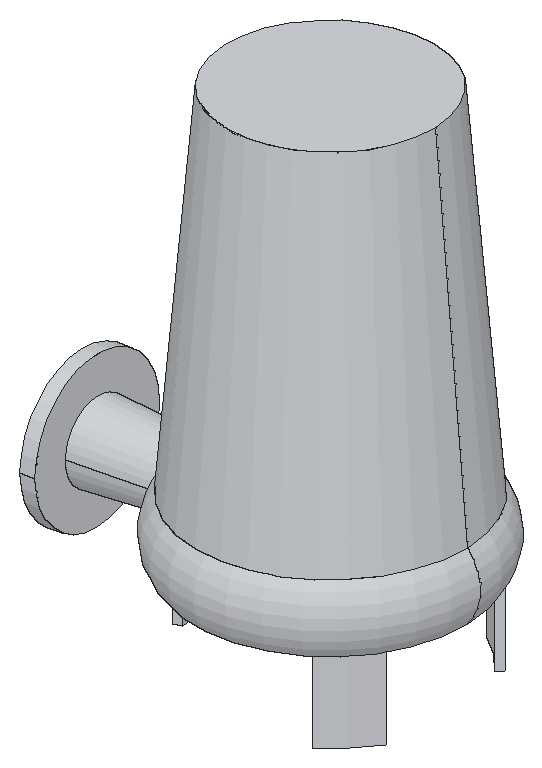
Revit family "99b5ead70c074c6e8dd5197d033b54d0", category Mechanical Equipment, Revit 2021
Family settings
  Round Connector Dimension = Use Radius
  Classification = Pump
  Part Type = Normal
  OmniClass Number = 23.60.30.21
  OmniClass Title = Pumps
  Seek Item ID = Sewage Pump - Horizontal Discharge-0000-USA-ENU
  Work Plane-Based = No
  Always vertical = Yes
  Cut with Voids When Loaded = No
  Shared = No
  Room Calculation Point = No
Parameters (values of type "650 GPM - 52 Foot Head")
  Voltage = 230 V
  Pump Material = none
  Number of Poles = 2
  Load Classification = Appliance - Dwelling Unit
  Flow [instance] = 650 GPM
  Discharge Nominal Radius = 2"
  Discharge Nominal Diameter = Discharge Nominal Radius * 2  # 4"
  Default Elevation = 0' - 0"
  Apparent Load = 3600 VA
Reference planes (in)
  plane 1 "Center (Front/Back)": y = 0
  plane 2: z = 0
  plane 3 "Center (Left/Right)": x = 0
  plane 4: z = 4.8125
  plane 5: x = 8.76563
  plane 6: z = 8.8125
  plane 7: x = 8
  plane 8: z = 6.8125
  plane 9: z = 30.0625
  plane 10: x = -14.45312
  plane 11: x = -13.57812
  plane 12: x = -8
Forms (in)
  Extrusion 1, solid, material <- "Pump Material"
    sketch origin (0, 0, 0) x (1, 0, 0) y (0, 1, 0)
      loop
        arc (-7.82518, 1.66329) -> (-8, 0) -> (-7.82518, -1.66329) r 8
        line (-7.82518, -1.66329) -> (-7.33611, -1.55934)
        arc (-7.33611, -1.55934) -> (-7.5, 0) -> (-7.33611, 1.55934) r 7.5
        line (-7.33611, 1.55934) -> (-7.82518, 1.66329)
    from 0 to 4.8125
  Extrusion 2, solid, material <- "Pump Material"
    sketch origin (0, 0, 0) x (-0.707107, -0.707107, 0) y (0.707107, -0.707107, 0)
      loop
        arc (-7.82518, 1.66329) -> (-8, 0) -> (-7.82518, -1.66329) r 8
        line (-7.82518, -1.66329) -> (-7.33611, -1.55934)
        arc (-7.33611, -1.55934) -> (-7.5, 0) -> (-7.33611, 1.55934) r 7.5
        line (-7.33611, 1.55934) -> (-7.82518, 1.66329)
    from 0 to 4.8125
  Revolve 3, solid, material <- "Pump Material"
    sketch origin (0, 0, 0) x (1, 0, 0) y (0, 0, 1)
      loop
        line (8, 8.8125) -> (0, 8.8125) -> (0, 4.8125) -> (8, 4.8125)
        arc (8, 4.8125) -> (8.76563, 6.8125) -> (8, 8.8125) r 2.99506
      axis (0, 4.8125) -> (0, 8.8125)
    angle from 0 to 360
  Blend 4, solid, material <- "Pump Material"
    base sketch origin (0, 0, 0) x (1, 0, 0) y (0, 1, 0)
      loop
        circle (0, 0) r 8
    top sketch origin (0, 0, 0) x (1, 0, 0) y (0, 1, 0)
      loop
        circle (0, 0) r 6.14063
    from 8.8125 to 30.0625
  Extrusion 5, solid, material <- "Pump Material"
    sketch origin (0, 0, 0) x (0, 1, 0) y (0, 0, 1)
      loop
        circle (0, 6.8125) r 4.5
    from -14.45312 to -13.57812
  Blend 6, solid, material <- "Pump Material"
    base sketch origin (0, 0, 0) x (0, 1, 0) y (0, 0, 1)
      loop
        circle (0, 6.8125) r 2.34375
    top sketch origin (0, 0, 0) x (0, 1, 0) y (0, 0, 1)
      loop
        circle (0, 6.8125) r 2
    from -13.57812 to -8
  Extrusion 7, solid, material <- "Pump Material"
    sketch origin (0, 0, 0) x (-0.707107, 0.707107, 0) y (-0.707107, -0.707107, 0)
      loop
        line (-7.82518, -1.66329) -> (-7.33611, -1.55934)
        arc (-7.33611, -1.55934) -> (-7.5, 0) -> (-7.33611, 1.55934) r 7.5
        line (-7.33611, 1.55934) -> (-7.82518, 1.66329)
        arc (-7.82518, 1.66329) -> (-8, 0) -> (-7.82518, -1.66329) r 8
    from 0 to 4.8125
Cuts and joins
  joined: Revolve 3, Blend 6
Dimensions and locks (in)
  locked: plane 4 to plane 2 at 4.8125
  locked: plane 5 to plane 3 "Center (Left/Right)" at 8.76562
  locked: plane 6 to plane 4 at 4
  plane 7 to plane 3 "Center (Left/Right)" = 0' - 8"
  locked: plane 8 to plane 4 at 2
  locked: plane 9 to plane 6 at 21.25
  locked: plane 5 to plane 10 at 23.21875
  locked: plane 11 to plane 10 at 0.875
  locked: plane 3 "Center (Left/Right)" to plane 12 at 8
  radius of Extrusion 1 sketch curve = 0' - 8"
  radius of Extrusion 1 sketch curve = 0' - 7 1/2"
  radius of Extrusion 2 sketch curve = 0' - 8"
  radius of Extrusion 2 sketch curve = 0' - 7 1/2"
  radius of Blend 4 sketch curve = 0' - 6 9/64"
  radius of Blend 4 sketch curve = 0' - 8"
  radius of Extrusion 5 sketch curve = 0' - 4 1/2"
  radius of Blend 6 sketch curve = 0' - 2 11/32"
  radius of Blend 6 sketch curve = 0' - 2"
  radius of Extrusion 7 sketch curve = 0' - 8"
  radius of Extrusion 7 sketch curve = 0' - 7 1/2"
  locked: plane 1 "Center (Front/Back)" to Extrusion 2 (angle 33.00°)
  locked: Extrusion 2 to Extrusion 2 (angle 24.00°)
  locked: Extrusion 7 to Extrusion 7 (angle 24.00°)
  locked: Extrusion 7 to plane 1 "Center (Front/Back)" (angle 33.00°)
  aligned and locked: plane 4 to Extrusion 1
  aligned and locked: Extrusion 2 to plane 2
  aligned and locked: plane 4 to Extrusion 2
  aligned and locked: plane 3 "Center (Left/Right)" to Revolve 3 sketch curve
  aligned and locked: Revolve 3 sketch curve to plane 6
  aligned and locked: plane 4 to Revolve 3 sketch curve  (x2)
  aligned and locked: Revolve 3 sketch curve to plane 3 "Center (Left/Right)"
  aligned and locked: Revolve 3 sketch curve to Revolve 3 sketch curve
  aligned and locked: plane 3 "Center (Left/Right)" to Blend 4 sketch curve  (x2)
  aligned and locked: plane 1 "Center (Front/Back)" to Blend 4 sketch curve  (x2)
  aligned and locked: plane 9 to Blend 4
  aligned and locked: Blend 4 to plane 6
  aligned and locked: plane 8 to Extrusion 5 sketch curve
  aligned and locked: plane 1 "Center (Front/Back)" to Extrusion 5 sketch curve
  aligned and locked: Extrusion 5 to plane 10
  aligned and locked: plane 11 to Extrusion 5
  aligned and locked: plane 1 "Center (Front/Back)" to Blend 6 sketch curve  (x2)
  aligned and locked: plane 8 to Blend 6 sketch curve  (x2)
  aligned and locked: Blend 6 to plane 11
Connectors (in)
  electrical at (0, 0, 30.0625), driven by "Voltage", driven by "Number of Poles", driven by "Apparent Load", driven by "Load Classification"
    settings: on Blend 4, index 2, voltage 230 V, apparent load 3600 VA, apparent load phase1 0 VA, apparent load phase2 0 VA, apparent load phase3 0 VA, power factor 0.8, load classification "Appliance - Dwelling Unit", number of poles 2, system type 30, power factor state 1, is connector primary yes, connector utility no, sub classification motor no, connector description ""
  piping at (-14.45312, 0, 6.8125), diameter 4, driven by "Discharge Nominal Radius", driven by "Flow"
    settings: on Extrusion 5, index 3, connector inside diameter 4", connector length 0' - 0", flow factor 0, pipe flow 650 GPM, pressure drop 0.00 psi, fitting loss kfactor 0, connector angle 0.00°, fixture units 0, engagement length 0' - 0", angle of deflection 0.00°, flow configuration 1, flow direction 2, fitting loss method 0, system type 16, joint type 0, gender type 0, connector reference index -1, connector utility 0, adjustable connector no, is connector primary yes, connector description "Water Out"
